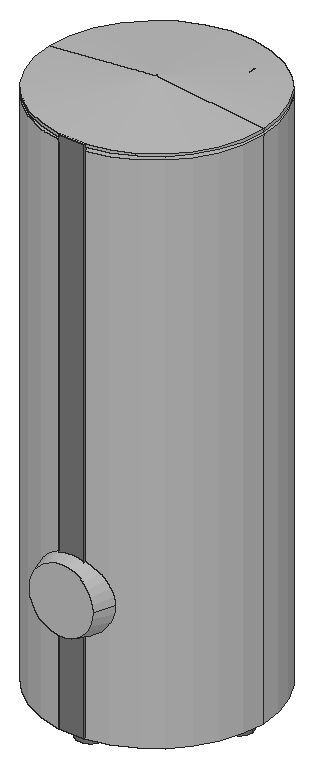
Revit family "VIESSMANN - Vitocell 100-V (CVW.CVWA) 300 L", category Wyposażenie mechaniczne, Revit 2017
Family settings
  Wymiar okrągłego złącza = Użyj średnicy
  Typ części = Normalny
  Numer OmniClass = 23.65.35.11.11
  Tytuł OmniClass = Storage Water Heaters
  Oparty na płaszczyźnie roboczej = Nie
  Zawsze pionowo = Tak
  Tnij formami wycięć po wczytaniu = Tak
  Współdzielony = Nie
  Punkt obliczania pomieszczeń = Nie
Parameters (values of type "Zbiornik CVWA 300L")
  Średnica - z izolacją cieplną = 667 mm
  Średnica - bez izolacji cieplnej = 0 mm
  Podział = Średnica z izolacją cieplną  # 667 mm
  Wysokość króćca zwu = 77 mm
  Wysokość króćca powrotu wody grzewczej = 261 mm
  Wysokość króćca zasilania wodą grzewczą = 967 mm
  Wysokość króćca cyrkulacji = 1137 mm
  Wysokość króćca cwu = 1601 mm
  Wysokośc z izolacją = 1734 mm
  Szerokość z izolacją cieplną = 744 mm
  Średnica z izolacją cieplną = 667 mm
  Zimna woda użytkowa = 1"  # constant formula
  Zestaw solarnych wymienników ciepła = 0"
  Zasilanie wody grzewczej = 1 1/4"  # constant formula
  Wysokość - z izolacją cieplną = 1734 mm
  Wysokość - bez izolacji cieplnej = 0 mm
  Wymiar przechylenia - z izolacją cieplną = 1825 mm
  Wymiar przechylenia - bez izolacji cieplnej = 0 mm
  Wydajność stała (przy podgrzewie cwu z 10 na 60℃ i temperaturze na zasilaniu wodą grzewczą 90℃ = 73000 W
  Wydajność stała (przy podgrzewie cwu z 10 na 60℃ i temperaturze na zasilaniu wodą grzewczą 80℃ = 58000 W
  Wydajność stała (przy podgrzewie cwu z 10 na 60℃ i temperaturze na zasilaniu wodą grzewczą 70℃ = 41000 W
  Wydajność stała (przy podgrzewie cwu z 10 na 45℃ i temperaturze na zasilaniu wodą grzewczą 90℃ = 85000 W
  Wydajność stała (przy podgrzewie cwu z 10 na 45℃ i temperaturze na zasilaniu wodą grzewczą 80℃ = 71000 W
  Wydajność stała (przy podgrzewie cwu z 10 na 45℃ i temperaturze na zasilaniu wodą grzewczą 70℃ = 57000 W
  Wydajność stała (przy podgrzewie cwu z 10 na 45℃ i temperaturze na zasilaniu wodą grzewczą 60℃ = 42000 W
  Wydajność stała (przy podgrzewie cwu z 10 na 45℃ i temperaturze na zasilaniu wodą grzewczą 50℃ = 25000 W
  Wydajność krótkotrwała przy temperaturze na zasilaniu wodą grzewczą 90℃ = "415 L/10min"
  Wydajność krótkotrwała przy temperaturze na zasilaniu wodą grzewczą 80℃ = "400 L/10min"
  Wydajność krótkotrwała przy temperaturze na zasilaniu wodą grzewczą 70℃ = "357 L/10min"
  Współczynnik mocy NL przy temperaturze na zasilaniu wodą grzewczą 90℃ = 9.5
  Współczynnik mocy NL przy temperaturze na zasilaniu wodą grzewczą 80℃ = 8.5
  Współczynnik mocy NL przy temperaturze na zasilaniu wodą grzewczą 70℃ = 7.5
  Wsp. mocy NL w połączeniu z pompą ciepła - temp. na ładowaniu podgrzewacza cwu 50℃ = 1.9
  Wsp. mocy NL w połączeniu z pompą ciepła - temp. na ładowaniu podgrzewacza cwu 45℃ = 1.7
  Viessmann Kolor 3 = Viessmann Kolor 3
  Viessmann Kolor 2 = Viessmann Kolor 2
  Viessmann Kolor 1 = Viessmann Kolor 1
  URL = "https://www.viessmann-projektant.pl/baza-urzadzen/zbiorniki-buforowe-i-cwu/podgrzewaczededykowanedopompciepla"
  Szerokość - z izolacją cieplną = 744 mm
  Szerokość - bez izolacji cieplnej = 0 mm
  Przepływ po stronie wody użytkowej = 2.093 m³/h
  Przepływ po stronie wody grzewczej = 3.00 m³/h  # constant formula
  Przepływ objętościowy wody grzewczej (przy podgrzewie cwu z 10 na 60℃) przy temperaturze na zasilaniu wodą grzewczą 90℃ = 1.255 m³/h
  Przepływ objętościowy wody grzewczej (przy podgrzewie cwu z 10 na 60℃) przy temperaturze na zasilaniu wodą grzewczą 80℃ = 0.995 m³/h
  Przepływ objętościowy wody grzewczej (przy podgrzewie cwu z 10 na 60℃) przy temperaturze na zasilaniu wodą grzewczą 70℃ = 0.71 m³/h
  Przepływ objętościowy wody grzewczej (przy podgrzewie cwu z 10 na 45℃) przy temperaturze na zasilaniu wodą grzewczą 90℃ = 2.093 m³/h
  Przepływ objętościowy wody grzewczej (przy podgrzewie cwu z 10 na 45℃) przy temperaturze na zasilaniu wodą grzewczą 80℃ = 1.749 m³/h
  Przepływ objętościowy wody grzewczej (przy podgrzewie cwu z 10 na 45℃) przy temperaturze na zasilaniu wodą grzewczą 70℃ = 1.399 m³/h
  Przepływ objętościowy wody grzewczej (przy podgrzewie cwu z 10 na 45℃) przy temperaturze na zasilaniu wodą grzewczą 60℃ = 1.033 m³/h
  Przepływ objętościowy wody grzewczej (przy podgrzewie cwu z 10 na 45℃) przy temperaturze na zasilaniu wodą grzewczą 50℃ = 0.617 m³/h
  Przepływ objętościowy wody grzewczej (dla podanych wydajności stałych) = 3.00 m³/h  # constant formula
  Producent = "Viessmann Sp.z.o.o."  # constant formula
  Powrót wody grzewczej = 1 1/4"  # constant formula
  Powierzchnia grzewcza = 3.0 m²
  Pojemność podgrzewacza = 300.0 L
  Pobierana ilość cwu bez dogrzewu - zawartość podgrzewacza podgrzana o 55°C = 210.0 L
  Pobierana ilość cwu bez dogrzewu - zawartość podgrzewacza podgrzana o 45°C = 210.0 L
  Opory przepływu po stronie wody użytkowej = 900.0 Pa
  Opory przepływu po stronie wody grzewczej = 3600.0 Pa
  Opis indeksowy = "9W173-13MC/E"  # constant formula
  Opis = "Podgrzewacz pojemnościowy"  # constant formula
  Objętość wody grzewczej = 22.0 L
  Objętość brutto = 322.0 L
  Numer identyfikacyjny produktu = "9W173-13MC/E"  # constant formula
  Model = "Podgrzewacz pojemnościowy Viessmann Vitocell 100-V CVAA 950L / Hot water storage tank Viessmann Vitocell 100-V CVAA 950L"
  Masa całkowita z izolacją cieplną = 180.00 kg
  Maks. powierzchnia czynna absorbera możliwa do podłączenia do zestawu solarnych wymienników ciepła - Vitosol-T = 0.0 m²
  Maks. powierzchnia czynna absorbera możliwa do podłączenia do zestawu solarnych wymienników ciepła - Vitosol-F = 0.0 m²
  Maks. możliwa do przyłączenia moc pompy ciepła przy temp. wody na zasilaniu wodą grzewczą wynoszącej 65°C, temp. cwu 55°C oraz podanym przepływie objętościowym wody grzewczej = 12000 W
  Maks. ilość pobierana przy temperaturze na zasilaniu wodą grzewczą 90℃ = "41 L/min"
  Maks. ilość pobierana przy temperaturze na zasilaniu wodą grzewczą 80℃ = "40 L/min"
  Maks. ilość pobierana przy temperaturze na zasilaniu wodą grzewczą 70℃ = "35 L/min"
  Klasa efektywności energetycznej = "B"  # constant formula
  Ilość pobierana = "15 l/min"  # constant formula
  Ilość ciepła dyżurnego = "1.65 kWh/24h"
  Grzałka elektryczna = 1 1/2"  # constant formula
  Czas podgrzewu cwu przy podłączonej pompie ciepła o znamionowej mocy cieplnej 16kW i temp. wody na zasilaniu wodą grzewczą wynoszącej 55 lub 65°C - przy podgrzewie cwu z 10 do 55°C = "60 min"
  Czas podgrzewu cwu przy podłączonej pompie ciepła o znamionowej mocy cieplnej 16kW i temp. wody na zasilaniu wodą grzewczą wynoszącej 55 lub 65°C - przy podgrzewie cwu z 10 do 45°C = "50 min"
  Cyrkulacja = 3" / 4  # 3/4"
  Ciepła woda użytkowa = 1"  # constant formula
  Autor = "https://www.archispace.pl/"
Reference planes
  plane 1 "Środek (Przód/Tył)": y = 0
  plane 2: z = 0
  plane 3 "Środek (Lewa/Prawa)": x = 0
  plane 4: z = 1734
  plane 5: y = 372
  plane 6: z = 77
  plane 7: z = 967
  plane 8: z = 261
  plane 9: z = 1137
  plane 10: z = 1601
  plane 11: x = -333.5
  plane 12: x = 333.5
  plane 13: y = 333.5
  plane 14: y = -333.5
  plane 15: x = -100
  plane 16: y = -372
Forms (mm)
  Extrusion 1, solid, material "Viessmann Kolor 3" <- "Viessmann Kolor 3", detail levels medium+fine
    sketch origin (0, 0, 0) x (1, 0, 0) y (0, 1, 0)
      loop
        circle (0, 258.722) r 40
      loop
        circle (0, -258.722) r 40
      loop
        circle (-258.5, 0) r 40
      loop
        circle (258.5, 0) r 40
    from 0 to 16.857
  Extrusion 2, solid, material "Viessmann Kolor 3" <- "Viessmann Kolor 3", detail levels medium+fine
    sketch origin (0, 0, 0) x (1, 0, 0) y (0, 1, 0)
      loop
        circle (0, 258.722) r 20
      loop
        circle (0, -258.722) r 20
      loop
        circle (-258.5, 0) r 20
      loop
        circle (258.5, 0) r 20
    from 16.857 to 37.823
  Revolve 3, solid, material "Viessmann Kolor 2" <- "Viessmann Kolor 2", detail levels medium+fine
    sketch origin (0, 0, 0) x (1, 0, 0) y (0, 0, 1)
      loop
        line (0, 37.823) -> (0, 1734) -> (-1.163, 1734)
        arc (-1.163, 1734) -> (-168.14, 1725.773) -> (-333.5, 1701.171) r 1698.575
        line (-333.5, 1701.171) -> (-333.5, 37.823) -> (0, 37.823)
      axis (0, 37.823) -> (0, 1734)
    angle from 0 to 360
  Sweep 4, solid
    path origin (0, 0, 0) x (0, 1, 0) y (0, 0, 1)
      loop
        line (0, 887) -> (372, 887)
    profile origin (0, 186, 887) x (0, 0, 1) y (1, 0, 0)
      loop
        circle (-810, 0) r 12.7
      loop
        circle (-626, 0) r 15.875
      loop
        circle (250, 0) r 9.525
      loop
        circle (714, 0) r 12.7
      loop
        circle (80, 0) r 15.875
  Sweep 5, solid, detail levels medium+fine
    path origin (0, 0, 0) x (0, 1, 0) y (0, 0, 1)
      loop
        line (357, 1601) -> (372, 1601)
    profile origin (0, 364.5, 1601) x (0, 0, 1) y (1, 0, 0)
      loop
        line (0, 20) -> (-17.321, 10) -> (-17.321, -10) -> (0, -20) -> (17.321, -10) -> (17.321, 10) -> (0, 20)
      loop
        line (-464, 15) -> (-476.99, 7.5) -> (-476.99, -7.5) -> (-464, -15) -> (-451.01, -7.5) -> (-451.01, 7.5) -> (-464, 15)
      loop
        line (-634, 25) -> (-655.651, 12.5) -> (-655.651, -12.5) -> (-634, -25) -> (-612.349, -12.5) -> (-612.349, 12.5) -> (-634, 25)
      loop
        line (-1340, 20) -> (-1357.321, 10) -> (-1357.321, -10) -> (-1340, -20) -> (-1322.679, -10) -> (-1322.679, 10) -> (-1340, 20)
      loop
        line (-1524, 20) -> (-1541.321, 10) -> (-1541.321, -10) -> (-1524, -20) -> (-1506.679, -10) -> (-1506.679, 10) -> (-1524, 20)
  Extrusion 6, void
    sketch origin (0, 0, 0) x (1, 0, 0) y (0, 1, 0)
      loop
        line (40, -328.5) -> (-40, -328.5) -> (-40, -333.5) -> (40, -333.5) -> (40, -328.5)
    from 37.823 to 1701.171
  Extrusion 7, solid, material "Viessmann Kolor 3" <- "Viessmann Kolor 3", detail levels medium+fine
    sketch origin (0, 0, 0) x (1, 0, 0) y (0, 1, 0)
      loop
        line (40, -328.5) -> (-40, -328.5) -> (-40, -333.5) -> (40, -333.5) -> (40, -328.5)
    from 37.823 to 1701.171
  Blend 8, solid, material "Viessmann Kolor 2" <- "Viessmann Kolor 2", detail levels medium+fine
    base sketch origin (0, 0, 0) x (1, 0, 0) y (0, 0, 1)
      loop
        circle (0, 427.756) r 120
    top sketch origin (0, 0, 0) x (1, 0, 0) y (0, 0, 1)
      loop
        circle (0, 427.756) r 100
    from 309.194 to 372
  Extrusion 9, solid, material "Viessmann Kolor 2" <- "Viessmann Kolor 2", detail levels coarse
    sketch origin (0, 0, 0) x (1, 0, 0) y (0, 1, 0)
      loop
        circle (0, 0) r 333.5
    from 0 to 1734
  Sweep 10, void
    path origin (0, 0, 0) x (1, 0, 0) y (0, 1, 0)
      loop
        circle (0, 0) r 333.5
    profile origin (0, 333.5, 0) x (0, -1, 0) y (0, 0, 1)
      loop
        line (0, 1693.864) -> (0, 1683.864) -> (53.428, 1683.864) -> (53.428, 1693.864) -> (0, 1693.864)
Cuts and joins
  Extrusion 6, Sweep 10 cuts Revolve 3
  joined: Revolve 3, Blend 8
  joined: Extrusion 1, Extrusion 2
Dimensions and locks
  "Wysokośc z izolacją": plane 4 to level
  "Wysokość króćca zwu": level to plane 6
  "Wysokość króćca zasilania wodą grzewczą": level to plane 7
  "Wysokość króćca powrotu wody grzewczej": level to plane 8
  "Wysokość króćca cyrkulacji": level to plane 9
  "Wysokość króćca cwu": level to plane 10
  equal spacing: plane 11, plane 3 "Środek (Lewa/Prawa)", plane 12
  "Podział": plane 11 to plane 12
  equal spacing: plane 13, plane 1 "Środek (Przód/Tył)", plane 14
  "Podział": plane 13 to plane 14
  locked: plane 13 to Extrusion 1 sketch curve at 74.778
  locked: Extrusion 1 sketch curve to plane 14 at 74.778
  locked: plane 11 to Extrusion 1 sketch curve at 75
  locked: Extrusion 1 sketch curve to plane 12 at 75
  locked: plane 13 to Extrusion 2 sketch curve at 74.778
  locked: Extrusion 2 sketch curve to plane 12 at 75
  locked: Extrusion 2 sketch curve to plane 14 at 74.778
  locked: plane 11 to Extrusion 2 sketch curve at 75
  locked: plane 3 "Środek (Lewa/Prawa)" to plane 15 at 100
  equal spacing: plane 5, plane 1 "Środek (Przód/Tył)", plane 16
  "Szerokość z izolacją cieplną": plane 5 to plane 16
  locked: Sweep 5 sketch curve to Sweep 5 sketch curve at 15
  "Ciepła woda użytkowa": diameter of Sweep 4 sketch curve
  "Cyrkulacja": diameter of Sweep 4 sketch curve
  "Zasilanie wody grzewczej": diameter of Sweep 4 sketch curve
  "Powrót wody grzewczej": diameter of Sweep 4 sketch curve
  "Zimna woda użytkowa": diameter of Sweep 4 sketch curve
  "Średnica - z izolacją cieplną": diameter of Extrusion 9 sketch curve
  "Średnica z izolacją cieplną": diameter of Sweep 10 sketch curve
  aligned and locked: level to plane 2
  aligned and locked: plane 11 to Revolve 3 sketch curve
  aligned and locked: Revolve 3 sketch curve to plane 4
  aligned and locked: plane 1 "Środek (Przód/Tył)" to Sweep 4 sketch curve
  aligned and locked: plane 5 to Sweep 4 sketch curve
  aligned and locked: plane 10 to Sweep 4 sketch curve
  aligned and locked: plane 3 "Środek (Lewa/Prawa)" to Sweep 4 sketch curve  (x5)
  aligned and locked: plane 9 to Sweep 4 sketch curve
  aligned and locked: plane 8 to Sweep 4 sketch curve
  aligned and locked: plane 6 to Sweep 4 sketch curve
  aligned and locked: plane 7 to Sweep 4 sketch curve
  aligned and locked: plane 5 to Sweep 5 sketch curve
  aligned and locked: profile plane to Sweep 5 sketch curve  (x2)
  aligned and locked: plane 9 to Sweep 5 sketch curve  (x2)
  aligned and locked: plane 7 to Sweep 5 sketch curve  (x2)
  aligned and locked: plane 8 to Sweep 5 sketch curve  (x2)
  aligned and locked: plane 6 to Sweep 5 sketch curve  (x2)
  aligned and locked: cut or joined group of Revolve 3, Extrusion 6, Blend 8, Sweep 10 to Extrusion 7 sketch curve
  aligned and locked: Extrusion 7 sketch curve to cut or joined group of Revolve 3, Extrusion 6, Blend 8, Sweep 10  (x2)
  aligned and locked: plane 3 "Środek (Lewa/Prawa)" to Extrusion 9 sketch curve
  aligned and locked: plane 1 "Środek (Przód/Tył)" to Extrusion 9 sketch curve
  aligned and locked: plane 4 to Extrusion 9
  aligned and locked: plane 3 "Środek (Lewa/Prawa)" to Sweep 10 sketch curve
  aligned and locked: plane 1 "Środek (Przód/Tył)" to Sweep 10 sketch curve
Automatic sketch dimensions
  Extrusion 1 sketch curve to plane 3 "Środek (Lewa/Prawa)" = 0 mm  (x2)
  plane 1 "Środek (Przód/Tył)" to Extrusion 1 sketch curve = 0 mm  (x2)
  plane 1 "Środek (Przód/Tył)" to Extrusion 2 sketch curve = 0 mm  (x2)
  Extrusion 2 sketch curve to plane 3 "Środek (Lewa/Prawa)" = 0 mm  (x2)
  Revolve 3 sketch curve to plane 3 "Środek (Lewa/Prawa)" = 0 mm  (x2)
  Revolve 3 sketch curve to plane 4 = 0 mm
  Revolve 3 sketch curve to Revolve 3 sketch curve = 1.163 mm
  level to Revolve 3 sketch curve = 37.823 mm
  Revolve 3 sketch curve to Revolve 3 sketch curve = 2.397 mm
  Revolve 3 sketch curve to Revolve 3 sketch curve = 0 mm
  Sweep 4 sketch curve to plane 7 = 80 mm
  Sweep 5 sketch curve to plane 10 = 0 mm
  profile plane to Sweep 5 sketch curve = 17.321 mm
  Sweep 5 sketch curve to profile plane = 17.321 mm
  Sweep 5 sketch curve to plane 3 "Środek (Lewa/Prawa)" = 20 mm  (x3)
  Sweep 5 sketch curve to plane 3 "Środek (Lewa/Prawa)" = 10 mm  (x6)
  plane 3 "Środek (Lewa/Prawa)" to Sweep 5 sketch curve = 10 mm  (x6)
  Sweep 5 sketch curve to Sweep 5 sketch curve = 10 mm  (x3)
  Sweep 5 sketch curve to plane 3 "Środek (Lewa/Prawa)" = 15 mm
  plane 3 "Środek (Lewa/Prawa)" to Sweep 5 sketch curve = 7.5 mm  (x2)
  Sweep 5 sketch curve to Sweep 5 sketch curve = 12.99 mm  (x2)
  Sweep 5 sketch curve to plane 3 "Środek (Lewa/Prawa)" = 7.5 mm  (x2)
  Sweep 5 sketch curve to Sweep 5 sketch curve = 7.5 mm
  Sweep 5 sketch curve to plane 3 "Środek (Lewa/Prawa)" = 25 mm
  Sweep 5 sketch curve to plane 3 "Środek (Lewa/Prawa)" = 12.5 mm  (x2)
  Sweep 5 sketch curve to Sweep 5 sketch curve = 21.651 mm  (x2)
  plane 3 "Środek (Lewa/Prawa)" to Sweep 5 sketch curve = 12.5 mm  (x2)
  Sweep 5 sketch curve to Sweep 5 sketch curve = 12.5 mm
  Sweep 5 sketch curve to Sweep 5 sketch curve = 17.321 mm  (x4)
  Extrusion 6 sketch curve to plane 14 = 0 mm
  plane 14 to Extrusion 6 sketch curve = 5 mm
  Extrusion 6 sketch curve to plane 3 "Środek (Lewa/Prawa)" = 40 mm
  plane 3 "Środek (Lewa/Prawa)" to Extrusion 6 sketch curve = 40 mm
  Extrusion 7 sketch curve to plane 14 = 0 mm
  Blend 8 sketch curve to plane 3 "Środek (Lewa/Prawa)" = 0 mm  (x2)
  plane 8 to Blend 8 sketch curve = 166.756 mm  (x2)
  Sweep 10 sketch curve to profile plane = 0 mm
  Sweep 10 sketch curve to profile plane = 53.428 mm
  level to Sweep 10 sketch curve = 1683.864 mm
  Sweep 10 sketch curve to Sweep 10 sketch curve = 10 mm
  radius of Extrusion 1 sketch curve = 40 mm  (x4)
  radius of Extrusion 2 sketch curve = 20 mm  (x4)
  radius of Blend 8 sketch curve = 120 mm
  radius of Blend 8 sketch curve = 100 mm
Connectors
  piping at (0, 372, 77), diameter 25.4, driven by "Zimna woda użytkowa", driven by "Przepływ po stronie wody użytkowej"
    settings: on Sweep 4, index 1, connector inside diameter 24", connector length 0 mm, flow factor 0, pipe flow 2.093 m³/h, pressure drop 0.0 Pa, fitting loss kfactor 0, connector angle 0.00°, fixture units 0, engagement length 0 mm, angle of deflection 0.00°, flow configuration 0, flow direction 2, fitting loss method 0, system type 20, joint type 0, gender type 0, connector reference index -1, connector utility 0, adjustable connector no, is connector primary yes, connector description ""
  piping at (0, 372, 1601), diameter 25.4, driven by "Ciepła woda użytkowa", driven by "Przepływ po stronie wody użytkowej"
    settings: on Sweep 4, index 2, connector inside diameter 24", connector length 0 mm, flow factor 0, pipe flow 2.093 m³/h, pressure drop 0.0 Pa, fitting loss kfactor 0, connector angle 0.00°, fixture units 0, engagement length 0 mm, angle of deflection 0.00°, flow configuration 0, flow direction 2, fitting loss method 0, system type 19, joint type 0, gender type 0, connector reference index -1, connector utility 0, adjustable connector no, is connector primary no, connector description ""
  piping at (0, 372, 261), diameter 31.75, driven by "Powrót wody grzewczej", driven by "Przepływ po stronie wody grzewczej", driven by "Opory przepływu po stronie wody grzewczej"
    settings: on Sweep 4, index 3, connector inside diameter 24", connector length 0 mm, flow factor 0, pipe flow 3.00 m³/h, pressure drop 3600.0 Pa, fitting loss kfactor 0, connector angle 0.00°, fixture units 0, engagement length 0 mm, angle of deflection 0.00°, flow configuration 0, flow direction 1, fitting loss method 4, system type 8, joint type 0, gender type 0, connector reference index -1, connector utility 0, adjustable connector no, is connector primary no, connector description ""
  piping at (0, 372, 967), diameter 31.75, driven by "Przepływ po stronie wody grzewczej", driven by "Opory przepływu po stronie wody grzewczej", driven by "Zasilanie wody grzewczej"
    settings: on Sweep 4, index 4, connector inside diameter 24", connector length 0 mm, flow factor 0, pipe flow 3.00 m³/h, pressure drop 3600.0 Pa, fitting loss kfactor 0, connector angle 0.00°, fixture units 0, engagement length 0 mm, angle of deflection 0.00°, flow configuration 0, flow direction 2, fitting loss method 4, system type 7, joint type 0, gender type 0, connector reference index -1, connector utility 0, adjustable connector no, is connector primary no, connector description ""
  piping at (0, 372, 1137), diameter 19.05, driven by "Cyrkulacja"
    settings: on Sweep 4, index 5, connector inside diameter 24", connector length 0 mm, flow factor 0, pipe flow 0.00 m³/h, pressure drop 0.0 Pa, fitting loss kfactor 0, connector angle 0.00°, fixture units 0, engagement length 0 mm, angle of deflection 0.00°, flow configuration 0, flow direction 2, fitting loss method 0, system type 7, joint type 0, gender type 0, connector reference index -1, connector utility 0, adjustable connector no, is connector primary no, connector description ""
